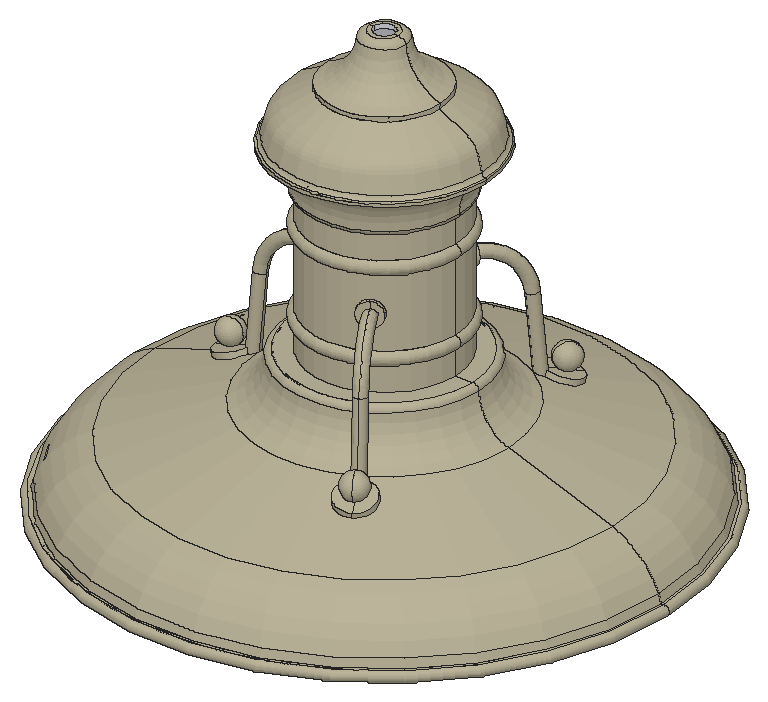
Revit family "TAR14 SHADE", category Lighting Fixtures, Revit 2024
Family settings
  Round Connector Dimension = Use Diameter
  Part Type = Normal
  OmniClass Number = 23.80.70.00
  OmniClass Title = Lighting
  Work Plane-Based = No
  Always vertical = Yes
  Cut with Voids When Loaded = No
  Light Source = Yes
  Maintain Annotation Orientation = No
  Shared = No
  Room Calculation Point = No
Parameters
  Wattage = 12.1178 W
  built-in parameter 1150110 = 1 (stored number, unit not read)
  built-in parameter 1114217 = 1 (stored number, unit not read)
  built-in parameter 1150109 = 1 (stored number, unit not read)
  built-in parameter 1150134 = (empty or 0)
  built-in parameter 1150113 = 1 (stored number, unit not read)
  Lumens = 1800 lm
  built-in parameter 1150115 = 1 (stored number, unit not read)
  built-in parameter 1150105 = 572.96 (stored number, unit not read)
  Light Source Symbol Size = 2' - 0"
  built-in parameter 1150137 = (empty or 0)
  built-in parameter 1150139 = (empty or 0)
  built-in parameter 1150112 = 1 (stored number, unit not read)
  built-in parameter 1150114 = 1 (stored number, unit not read)
  built-in parameter 1150132 = 2
  built-in parameter 1150102 = (empty or 0)
  built-in parameter 1150138 = (empty or 0)
  built-in parameter 1150107 = 3000 (stored number, unit not read)
  built-in parameter 1150106 = 5.7296 (stored number, unit not read)
  built-in parameter 1150104 = 13.8 (stored number, unit not read)
  Dimming Lamp Color Temperature Shift = (empty or 0)
  Default Elevation = 0' - 0"
  Color Filter = 16777215
  built-in parameter 1114218 = 1 (stored number, unit not read)
  built-in parameter 1150133 = 10 (stored number, unit not read)
Reference planes (in)
  plane 1 "Light Source Axis (F/B)": y = 0
  plane 2: z = 0
  plane 3 "Light Source Axis (L/R)": x = 0
  plane 4 "Light Source Elevation": z = 54
Forms (in)
  Revolve 1, solid
    sketch origin (0, 0, 0) x (1, 0, 0) y (0, 0, 1)
      loop
        arc (-2.31292, 57.35855) -> (-2.52533, 56.74618) -> (-3.05129, 56.36739) r 1.07447
        line (-3.05129, 56.36739) -> (-5.61031, 55.52576)
        arc (-5.61031, 55.52576) -> (-6.29296, 55.10589) -> (-6.74409, 54.44347) r 1.9155
        line (-6.74409, 54.44347) -> (-6.79593, 54.25) -> (-6.875, 54.25)
        arc (-6.875, 54.25) -> (-6.96339, 54.03661) -> (-6.75, 54.125) r 0.125
        line (-6.75, 54.125) -> (-6.70537, 54.22574) -> (-6.65507, 54.41346)
        arc (-6.65507, 54.41346) -> (-6.22651, 55.03972) -> (-5.57998, 55.43704) r 1.82175
        line (-5.57998, 55.43704) -> (-3.022, 56.27833)
        arc (-3.022, 56.27833) -> (-2.44965, 56.69083) -> (-2.21916, 57.35763) r 1.16822
        arc (-2.21916, 57.35763) -> (-2.20552, 57.39195) -> (-2.17147, 57.40625) r 0.0477
        line (-2.17147, 57.40625) -> (-1.65625, 57.40625) -> (-1.65625, 60.28125) -> (-1.65625, 61) -> (-1.75774, 61.10149)
        arc (-1.75774, 61.10149) -> (-1.9179, 61.67523) -> (-2.35207, 62.08307) r 1.10775
        line (-2.35207, 62.08307) -> (-2.30159, 62.1796)
        spline (-2.30159, 62.1796) -> (-2.24698, 62.40762) -> (-2.21344, 62.52527) -> (-2.18719, 62.59136) -> (-2.16024, 62.63911) -> (-2.12608, 62.68437) -> (-2.08139, 62.73272) -> (-2.02181, 62.78624) -> (-1.94187, 62.84733) -> (-1.8361, 62.91725) -> (-1.69683, 62.99762) -> (-1.51473, 63.09035) -> (-1.28125, 63.1971)
        line (-1.28125, 63.1971) -> (-1.28125, 63.28071)
        arc (-1.28125, 63.28071) -> (-0.70357, 63.68623) -> (-0.43742, 64.33994) r 1.25071
        arc (-0.43742, 64.33994) -> (-0.40318, 64.38775) -> (-0.3473, 64.40605) r 0.09449
        line (-0.3473, 64.40605) -> (-0.25, 64.40605) -> (-0.25, 64.4998) -> (-0.3473, 64.4998)
        arc (-0.3473, 64.4998) -> (-0.46319, 64.45989) -> (-0.52994, 64.3571) r 0.18824
        arc (-0.52994, 64.3571) -> (-0.79553, 63.72186) -> (-1.375, 63.35) r 1.15696
        line (-1.375, 63.35) -> (-1.375, 63.25823)
        spline (-1.375, 63.25823) -> (-1.59626, 63.1549) -> (-1.7704, 63.0642) -> (-1.90553, 62.98442) -> (-2.00973, 62.91387) -> (-2.09063, 62.85082) -> (-2.15327, 62.7934) -> (-2.20189, 62.73969) -> (-2.24067, 62.68725) -> (-2.27331, 62.62829) -> (-2.3033, 62.55161) -> (-2.33835, 62.42806) -> (-2.39271, 62.20092)
        arc (-2.39271, 62.20092) -> (-2.41779, 62.14071) -> (-2.46875, 62.1) r 0.13128
        arc (-2.46875, 62.1) -> (-2.49085, 62.09085) -> (-2.5, 62.06875) r 0.03125
        line (-2.5, 62.06875) -> (-2.5, 62) -> (-2.39552, 62)
        arc (-2.39552, 62) -> (-1.9981, 61.62668) -> (-1.85149, 61.10149) r 1.014
        arc (-1.85149, 61.10149) -> (-1.82176, 61.02973) -> (-1.75, 61) r 0.10149
        line (-1.75, 61) -> (-1.75, 60.40625)
        arc (-1.75, 60.40625) -> (-1.875, 60.25) -> (-1.75, 60.09375) r 0.16016
        line (-1.75, 60.09375) -> (-1.75, 58.40625)
        arc (-1.75, 58.40625) -> (-1.875, 58.25) -> (-1.75, 58.09375) r 0.16016
        line (-1.75, 58.09375) -> (-1.75, 57.5) -> (-2.17147, 57.5)
        arc (-2.17147, 57.5) -> (-2.27149, 57.45857) -> (-2.31292, 57.35855) r 0.14145
      axis (0, 64.4998) -> (0, 54.125)
    angle from 0 to 360
  Revolve 2, solid
    sketch origin (0, 0, 0) x (1, 0, 0) y (0, 0, 1)
      loop
        line (-1.75, 59.24997) -> (-1.75, 59.54198) -> (-1.84819, 59.54198) -> (-1.84819, 59.24997) -> (-1.75, 59.24997)
      axis (-1.84819, 59.24997) -> (-1.75, 59.24997)
    angle from 0 to 360
  Sweep 3, solid
    path origin (0, 0, 0) x (1, 0, 0) y (0, 0, 1)
      loop
        arc (-1.75, 59.24997) -> (-2.6233, 58.96107) -> (-3.04823, 58.14526) r 1.22295
        line (-3.04823, 58.14526) -> (-3.23723, 56.15421)
    profile origin (-2.6233, 0, 58.96107) x (0.648063, 0, -0.761587) y (0, -1, 0)
      loop
        circle (0, 0) r 0.15
  Revolve 4, solid
    sketch origin (0, 0, 0) x (1, 0, 0) y (0, 0, 1)
      loop
        line (-3.79187, 56.25809) -> (-4.13811, 56.15224) -> (-4.1058, 56.03167) -> (-3.66718, 56.18279) -> (-3.86761, 56.83836)
        arc (-3.86761, 56.83836) -> (-4.08693, 56.51466) -> (-3.79187, 56.25809) r 0.29472
      axis (-3.86761, 56.83836) -> (-3.66242, 56.16722)
    angle from 0 to 360
  Revolve 5, solid
    sketch origin (0, 0, 0) x (-0.5, -0.866025, 0) y (0, 0, 1)
      loop
        line (-1.75, 59.24997) -> (-1.75, 59.54198) -> (-1.84819, 59.54198) -> (-1.84819, 59.24997) -> (-1.75, 59.24997)
      axis (-1.84819, 59.24997) -> (-1.75, 59.24997)
    angle from 0 to 360
  Sweep 6, solid
    path origin (0, 0, 0) x (-0.5, -0.866025, 0) y (0, 0, 1)
      loop
        arc (-1.75, 59.24997) -> (-2.6233, 58.96107) -> (-3.04823, 58.14526) r 1.22295
        line (-3.04823, 58.14526) -> (-3.23723, 56.15421)
    profile origin (1.31165, 2.27184, 58.96107) x (-0.324031, -0.561239, -0.761587) y (-0.866025, 0.5, 0)
      loop
        circle (0, 0) r 0.15
  Revolve 7, solid
    sketch origin (0, 0, 0) x (-0.5, -0.866025, 0) y (0, 0, 1)
      loop
        line (-3.79187, 56.25809) -> (-4.13811, 56.15224) -> (-4.1058, 56.03167) -> (-3.66718, 56.18279) -> (-3.86761, 56.83836)
        arc (-3.86761, 56.83836) -> (-4.08693, 56.51466) -> (-3.79187, 56.25809) r 0.29472
      axis (-3.86761, 56.83836) -> (-3.66242, 56.16722)
    angle from 0 to 360
  Revolve 8, solid
    sketch origin (0, 0, 0) x (-0.5, 0.866025, 0) y (0, 0, 1)
      loop
        line (-1.75, 59.24997) -> (-1.75, 59.54198) -> (-1.84819, 59.54198) -> (-1.84819, 59.24997) -> (-1.75, 59.24997)
      axis (-1.84819, 59.24997) -> (-1.75, 59.24997)
    angle from 0 to 360
  Sweep 9, solid
    path origin (0, 0, 0) x (-0.5, 0.866025, 0) y (0, 0, 1)
      loop
        arc (-1.75, 59.24997) -> (-2.6233, 58.96107) -> (-3.04823, 58.14526) r 1.22295
        line (-3.04823, 58.14526) -> (-3.23723, 56.15421)
    profile origin (1.31165, -2.27184, 58.96107) x (-0.324031, 0.561239, -0.761587) y (0.866025, 0.5, 0)
      loop
        circle (0, 0) r 0.15
  Revolve 10, solid
    sketch origin (0, 0, 0) x (-0.5, 0.866025, 0) y (0, 0, 1)
      loop
        line (-3.79187, 56.25809) -> (-4.13811, 56.15224) -> (-4.1058, 56.03167) -> (-3.66718, 56.18279) -> (-3.86761, 56.83836)
        arc (-3.86761, 56.83836) -> (-4.08693, 56.51466) -> (-3.79187, 56.25809) r 0.29472
      axis (-3.86761, 56.83836) -> (-3.66242, 56.16722)
    angle from 0 to 360
Dimensions and locks (in)
  aligned and locked: plane 3 "Light Source Axis (L/R)" to imposter light
  aligned and locked: plane 1 "Light Source Axis (F/B)" to imposter light
  aligned and locked: plane 4 "Light Source Elevation" to imposter light
  aligned and locked: level to plane 2
